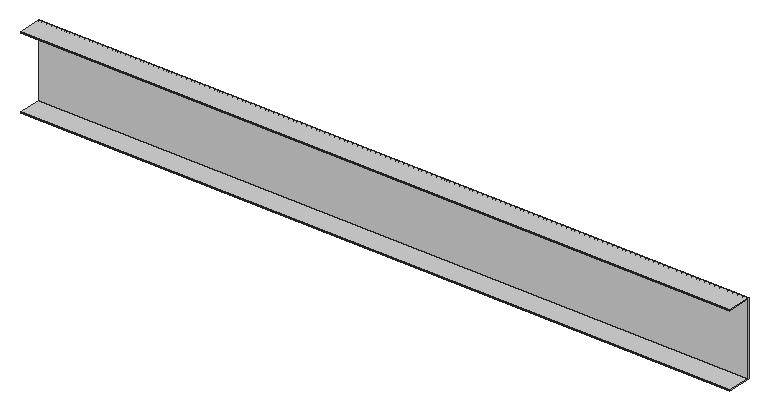
Revit family "BIMSF-SSMA-T", category Structural Framing, Revit 2024
Family settings
  Section Shape = C Profile
  Material for Model Behavior = Steel
  Always export as geometry = No
  Always vertical = Yes
  Cut with Voids When Loaded = No
  Symbolic Representation = From Project Settings
  Shared = No
  Show family pre-cut in plan views = Yes
Parameters (values of type "Default")
  tf = 0' - 0 1/16"
  Weight = 0.00 lbf/ft
  Structural Material [instance] = Metal - Steel - ASTM A992
  Short Tag = ""
  Reported Length [instance] = 5' - 0"
  Model = "V3"
  Long Tag = ""
  DimpleLine = 0' - 0"
  Assembly Code = "B10"
  Length [instance] = 5' - 0"
  bf = 0' - 2"
  d = 0' - 6"
  temp_tf = if(tf < 0' 0 1/32", 0' 0 1/32", tf)  # 0' - 0 1/16"
Reference planes (in)
  plane 1 "Center (Front/Back)": y = 0
  plane 2: z = 0
  plane 3 "Center (Left/Right)": x = 0.1815
  plane 4 "Top": z = 3.0625
  plane 5: z = -3.0625
  plane 6 "Left": x = -29.8185
  plane 7 "Right": x = 30.1815
  plane 8: y = -1
  plane 9: y = 1
  plane 10: y = 0.9375
  plane 11: z = 3
  plane 12: z = -3
Forms (in)
  Extrusion 1, solid, material "Metal - Steel - ASTM A992" <- "Structural Material", detail levels medium+fine
    sketch origin (-29.8185, 0.02734, 0.16016) x (0, -1, 0) y (0, 0, 1)
      loop
        line (1.02734, 2.90234) -> (-0.97266, 2.90234) -> (-0.97266, -3.22266) -> (1.02734, -3.22266) -> (1.02734, -3.16016) -> (-0.91016, -3.16016) -> (-0.91016, 2.83984) -> (1.02734, 2.83984) -> (1.02734, 2.90234)
    from -60 to 0
Lines and regions (in)
  model lines, style "BIMSF.Framing", not visible, detail levels coarse
    curve 1: line (-29.8185, 0, 0) -> (30.1815, 0, 0)
Dimensions and locks (in)
  "d": plane 12 to plane 11
  equal spacing: plane 5, plane 2, plane 4 "Top"
  "Length": plane 6 "Left" to plane 7 "Right"
  "bf": plane 9 to plane 8
  equal spacing: plane 9, plane 1 "Center (Front/Back)", plane 8
  "temp_tf": plane 4 "Top" to plane 11
  "temp_tf": plane 12 to plane 5
  "temp_tf": plane 9 to plane 10
  "Reported Length": Extrusion 1 to Extrusion 1
  aligned and locked: Extrusion 1 sketch curve to plane 4 "Top"
  aligned and locked: plane 8 to Extrusion 1 sketch curve  (x2)
  aligned and locked: Extrusion 1 sketch curve to plane 11
  aligned and locked: plane 10 to Extrusion 1 sketch curve
  aligned and locked: plane 12 to Extrusion 1 sketch curve
  aligned and locked: plane 5 to Extrusion 1 sketch curve
  aligned and locked: Extrusion 1 sketch curve to plane 9
  aligned and locked: plane 2 to level
  aligned and locked: Extrusion 1 to plane 7 "Right"
  aligned and locked: plane 6 "Left" to Extrusion 1
  aligned and locked: plane 1 "Center (Front/Back)" to curve 1
  aligned and locked: plane 6 "Left" to curve 1
  aligned and locked: plane 7 "Right" to curve 1
